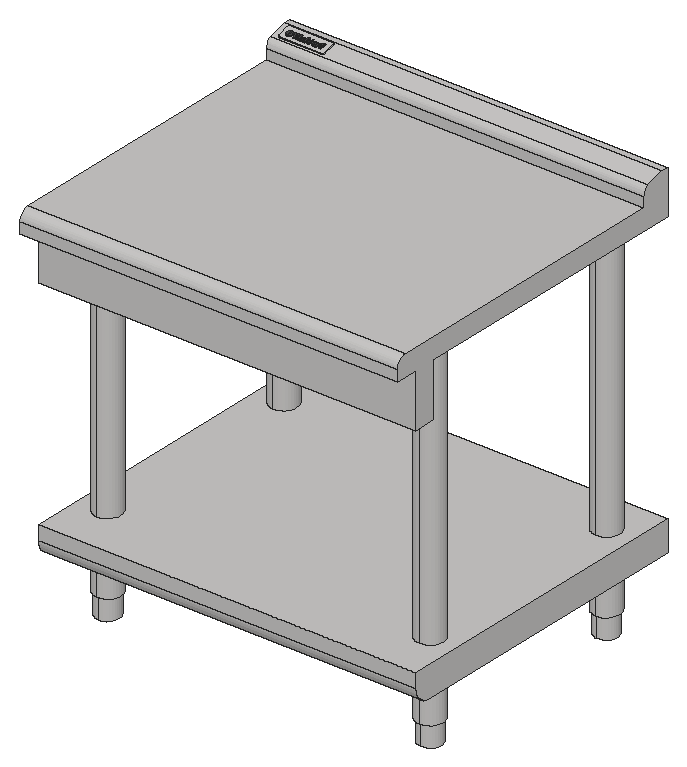
Revit family "QF_MOFFAT WALDORF_BTL8900-LS", category Specialty Equipment, Revit 2012
Parameters
  Weight in Pounds = 154.3234  # constant formula
  Width [instance] = 900.00 mm  # constant formula
  URL Cutsheet = "www.moffat.com"
  URL = "www.moffat.com"
  Type Mark [instance] = ""
  Status [instance] = ""
  Specification by User [instance] = ""
  Specification by Manufacturer = ""
  Show Logo [instance] = yes
  Show Casters [instance] = no
  Serial Number = ""
  Seismic Rating = ""
  SMACNA No = ""
  Revision Code [instance] = ""
  Omniclass Number and Title = ""
  NAFEM Spec ID Number = ""
  Model = "BTL8900-LS"
  Masterspec = ""
  Manufacturer = "MOFFAT WALDORF"
  Legs [instance] = not(Show Casters)  # yes
  Item Number [instance] = ""
  Installed By [instance] = ""
  Identify Quantity as Lot [instance] = yes
  Height = 972.00 mm  # constant formula
  Furnished By [instance] = ""
  Foodservice Equipment Identifier [instance] = yes
  Description = "BENCH TOP LOW SPLAHBACK ON LEG STAND"
  Depth [instance] = 805.00 mm  # constant formula
  CSI MasterFormat = ""
  CSI Master Format = ""
  Back Splash [instance] = 215.00 mm  # constant formula
Reference planes
  plane 1 "BACK": y = 0
  plane 2: z = 0
  plane 3 "LEFT": x = 0
  plane 4 "RIGHT": x = 900
  plane 5 "FRONT": y = -805
  plane 6 "TOP": z = 972
  plane 7 "Center Y": x = 450
  plane 8 "Center X": y = -402.5
  plane 9 "Base Height": z = 150
  plane 10: z = 915
  plane 11: x = 65
  plane 12: x = 834
  plane 13: y = -625
  plane 14: y = -100
Forms (mm)
  Extrusion 1, solid, material "QF_Finishes_Stainless Steel"
    sketch origin (0, 0, 0) x (0, 1, 0) y (0, 0, 1)
      loop
        line (0, 222.5) -> (-749, 222.5) -> (-749, 188)
        arc (-749, 188) -> (-737.87, 161.13) -> (-711, 150) r 38
        line (-711, 150) -> (0, 150) -> (0, 222.5)
      loop
        line (-805, 893) -> (-805, 868) -> (-749, 868) -> (-749, 740) -> (-699, 740) -> (-699, 868) -> (0, 868) -> (0, 972) -> (-16.5, 972) -> (-58, 960.88)
        arc (-58, 960.88) -> (-66.785, 952.095) -> (-70, 940.095) r 24
        line (-70, 940.095) -> (-70, 917) -> (-781, 917)
        arc (-781, 917) -> (-797.971, 909.971) -> (-805, 893) r 24
    from 0 to 900
  Extrusion 2, solid, material "QF_Finishes_Stainless Steel"
    sketch origin (0, -699, 222.5) x (0, -1, 0) y (1, 0, 0)
      loop
        circle (-599, 65) r 31.75
      loop
        circle (-599, 834) r 31.75
      loop
        circle (-74, 65) r 31.75
      loop
        circle (-74, 834) r 31.75
    from 0 to 643.5
  Revolve 3, solid, material "QF_Finishes_Stainless Steel", visible <- "Legs"
    sketch origin (834, -210, 0) x (0, 1, 0) y (0, 0, -1)
      loop
        line (78.25, -150) -> (110, -150) -> (110, 0) -> (82.5, 0) -> (82.5, -50) -> (78.25, -50) -> (78.25, -150)
      axis (110, -150) -> (110, 0)
    angle from 0 to 360
  Revolve 4, solid, material "QF_Finishes_Stainless Steel"
    sketch origin (834, -735, 0) x (0, 1, 0) y (0, 0, -1)
      loop
        line (78.25, -150) -> (110, -150) -> (110, 0) -> (82.5, 0) -> (82.5, -50) -> (78.25, -50) -> (78.25, -150)
      axis (110, -150) -> (110, 0)
    angle from 0 to 360
  Revolve 5, solid, material "QF_Finishes_Stainless Steel", visible <- "Legs"
    sketch origin (65, -210, 0) x (0, 1, 0) y (0, 0, -1)
      loop
        line (78.25, -150) -> (110, -150) -> (110, 0) -> (82.5, 0) -> (82.5, -50) -> (78.25, -50) -> (78.25, -150)
      axis (110, -150) -> (110, 0)
    angle from 0 to 360
  Revolve 6, solid, material "QF_Finishes_Stainless Steel"
    sketch origin (65, -735, 0) x (0, 1, 0) y (0, 0, -1)
      loop
        line (78.25, -150) -> (110, -150) -> (110, 0) -> (82.5, 0) -> (82.5, -50) -> (78.25, -50) -> (78.25, -150)
      axis (110, -150) -> (110, 0)
    angle from 0 to 360
Lines and regions (mm)
  Split face 1
    outline origin (0, -16.5, 972) x (0, -0.965926, -0.258819) y (1, 0, 0)
      loop
        line (1.962, 129.583) -> (29.642, 129.583) -> (29.642, 149.583) -> (1.962, 149.583) -> (1.962, 129.583)
  Split face 2
    outline origin (0, -16.5, 972) x (0, -0.965926, -0.258819) y (1, 0, 0)
      loop
        line (29.642, 156.5) -> (29.642, 176.5) -> (1.962, 176.5) -> (1.962, 156.5) -> (29.642, 156.5)
  Split face 3
    outline origin (0, -16.5, 972) x (0, -0.965926, -0.258819) y (1, 0, 0)
      loop
        line (29.642, 203.5) -> (1.962, 203.5) -> (1.962, 183.5) -> (29.642, 183.5) -> (29.642, 203.5)
  Split face 4
    outline origin (0, -16.5, 972) x (0, -0.965926, -0.258819) y (1, 0, 0)
      loop
        line (29.642, 230.5) -> (1.962, 230.5) -> (1.962, 210.5) -> (29.642, 210.5) -> (29.642, 230.5)
  Split face 5
    outline origin (0, -16.5, 972) x (0, -0.965926, -0.258819) y (1, 0, 0)
      loop
        line (29.642, 257.5) -> (1.962, 257.5) -> (1.962, 237.5) -> (29.642, 237.5) -> (29.642, 257.5)
  Split face 6
    outline origin (0, -16.5, 972) x (0, -0.965926, -0.258819) y (1, 0, 0)
      loop
        line (29.642, 264.5) -> (29.642, 284.5) -> (1.962, 284.5) -> (1.962, 264.5) -> (29.642, 264.5)
  Split face 7
    outline origin (0, -16.5, 972) x (0, -0.965926, -0.258819) y (1, 0, 0)
      loop
        line (29.642, 311.5) -> (1.962, 311.5) -> (1.962, 291.5) -> (29.642, 291.5) -> (29.642, 311.5)
  Split face 8
    outline origin (0, -16.5, 972) x (0, -0.965926, -0.258819) y (1, 0, 0)
      loop
        line (1.962, 338.5) -> (1.962, 318.5) -> (29.642, 318.5) -> (29.642, 338.5) -> (1.962, 338.5)
  Split face 9
    outline origin (0, -16.5, 972) x (0, -0.965926, -0.258819) y (1, 0, 0)
      loop
        line (1.962, 345.5) -> (29.642, 345.5) -> (29.642, 365.5) -> (1.962, 365.5) -> (1.962, 345.5)
  Split face 10
    outline origin (0, -16.5, 972) x (0, -0.965926, -0.258819) y (1, 0, 0)
      loop
        line (29.642, 372.5) -> (29.642, 392.5) -> (1.962, 392.5) -> (1.962, 372.5) -> (29.642, 372.5)
  Split face 11
    outline origin (0, -16.5, 972) x (0, -0.965926, -0.258819) y (1, 0, 0)
      loop
        line (29.642, 399.5) -> (29.642, 419.5) -> (1.962, 419.5) -> (1.962, 399.5) -> (29.642, 399.5)
  Split face 12
    outline origin (0, -16.5, 972) x (0, -0.965926, -0.258819) y (1, 0, 0)
      loop
        line (29.642, 426.5) -> (29.642, 446.5) -> (1.962, 446.5) -> (1.962, 426.5) -> (29.642, 426.5)
  Split face 13
    outline origin (0, -16.5, 972) x (0, -0.965926, -0.258819) y (1, 0, 0)
      loop
        line (1.962, 453.5) -> (29.642, 453.5) -> (29.642, 473.5) -> (1.962, 473.5) -> (1.962, 453.5)
  Split face 14
    outline origin (0, -16.5, 972) x (0, -0.965926, -0.258819) y (1, 0, 0)
      loop
        line (1.962, 500.5) -> (1.962, 480.5) -> (29.642, 480.5) -> (29.642, 500.5) -> (1.962, 500.5)
  Split face 15
    outline origin (0, -16.5, 972) x (0, -0.965926, -0.258819) y (1, 0, 0)
      loop
        line (29.642, 527.5) -> (1.962, 527.5) -> (1.962, 507.5) -> (29.642, 507.5) -> (29.642, 527.5)
  Split face 16
    outline origin (0, -16.5, 972) x (0, -0.965926, -0.258819) y (1, 0, 0)
      loop
        line (29.642, 534.5) -> (29.642, 554.5) -> (1.962, 554.5) -> (1.962, 534.5) -> (29.642, 534.5)
  Split face 17
    outline origin (0, -16.5, 972) x (0, -0.965926, -0.258819) y (1, 0, 0)
      loop
        line (29.642, 581.5) -> (1.962, 581.5) -> (1.962, 561.5) -> (29.642, 561.5) -> (29.642, 581.5)
  Split face 18
    outline origin (0, -16.5, 972) x (0, -0.965926, -0.258819) y (1, 0, 0)
      loop
        line (29.642, 588.5) -> (29.642, 608.5) -> (1.962, 608.5) -> (1.962, 588.5) -> (29.642, 588.5)
  Split face 19
    outline origin (0, -16.5, 972) x (0, -0.965926, -0.258819) y (1, 0, 0)
      loop
        line (29.642, 615.5) -> (29.642, 635.5) -> (1.962, 635.5) -> (1.962, 615.5) -> (29.642, 615.5)
  Split face 20
    outline origin (0, -16.5, 972) x (0, -0.965926, -0.258819) y (1, 0, 0)
      loop
        line (29.642, 662.5) -> (1.962, 662.5) -> (1.962, 642.5) -> (29.642, 642.5) -> (29.642, 662.5)
  Split face 21
    outline origin (0, -16.5, 972) x (0, -0.965926, -0.258819) y (1, 0, 0)
      loop
        line (29.642, 669.5) -> (29.642, 689.5) -> (1.962, 689.5) -> (1.962, 669.5) -> (29.642, 669.5)
  Split face 22
    outline origin (0, -16.5, 972) x (0, -0.965926, -0.258819) y (1, 0, 0)
      loop
        line (29.642, 696.5) -> (29.642, 716.5) -> (1.962, 716.5) -> (1.962, 696.5) -> (29.642, 696.5)
  Split face 23
    outline origin (0, -16.5, 972) x (0, -0.965926, -0.258819) y (1, 0, 0)
      loop
        line (29.642, 743.5) -> (1.962, 743.5) -> (1.962, 723.5) -> (29.642, 723.5) -> (29.642, 743.5)
  Split face 24
    outline origin (0, -16.5, 972) x (0, -0.965926, -0.258819) y (1, 0, 0)
      loop
        line (1.962, 750.5) -> (29.642, 750.5) -> (29.642, 770.5) -> (1.962, 770.5) -> (1.962, 750.5)
  symbolic lines
    curve 1: line (0, 0, 0) -> (0, -805, 0)
    curve 2: line (900, 0, 0) -> (0, 0, 0)
    curve 3: line (900, -805, 0) -> (900, 0, 0)
    curve 4: line (0, -70, 0) -> (900, -70, 0)
    curve 5: line (0, -805, 0) -> (900, -805, 0)
    curve 6: line (12.5, -51.234, 0) -> (12.5, -20.958, 0)
    curve 7: line (12.5, -20.958, 0) -> (121.5, -20.958, 0)
    curve 8: line (12.5, -51.234, 0) -> (121.5, -51.234, 0)
    curve 9: line (121.5, -20.958, 0) -> (121.5, -51.234, 0)
    curve 10: line (129.583, -22.262, 0) -> (129.583, -50.526, 0)
    curve 11: line (129.583, -50.526, 0) -> (149.583, -50.526, 0)
    curve 12: line (149.583, -50.526, 0) -> (149.583, -22.262, 0)
    curve 13: line (149.583, -22.262, 0) -> (129.583, -22.262, 0)
    curve 14: line (156.5, -22.262, 0) -> (156.5, -50.526, 0)
    curve 15: line (156.5, -50.526, 0) -> (176.5, -50.526, 0)
    curve 16: line (176.5, -50.526, 0) -> (176.5, -22.262, 0)
    curve 17: line (176.5, -22.262, 0) -> (156.5, -22.262, 0)
    curve 18: line (183.5, -22.262, 0) -> (183.5, -50.526, 0)
    curve 19: line (183.5, -50.526, 0) -> (203.5, -50.526, 0)
    curve 20: line (203.5, -50.526, 0) -> (203.5, -22.262, 0)
    curve 21: line (203.5, -22.262, 0) -> (183.5, -22.262, 0)
    curve 22: line (210.5, -22.262, 0) -> (210.5, -50.526, 0)
    curve 23: line (210.5, -50.526, 0) -> (230.5, -50.526, 0)
    curve 24: line (230.5, -50.526, 0) -> (230.5, -22.262, 0)
    curve 25: line (230.5, -22.262, 0) -> (210.5, -22.262, 0)
    curve 26: line (237.5, -22.262, 0) -> (237.5, -50.526, 0)
    curve 27: line (237.5, -50.526, 0) -> (257.5, -50.526, 0)
    curve 28: line (257.5, -50.526, 0) -> (257.5, -22.262, 0)
    curve 29: line (257.5, -22.262, 0) -> (237.5, -22.262, 0)
    curve 30: line (264.5, -22.262, 0) -> (264.5, -50.526, 0)
    curve 31: line (264.5, -50.526, 0) -> (284.5, -50.526, 0)
    curve 32: line (284.5, -50.526, 0) -> (284.5, -22.262, 0)
    curve 33: line (284.5, -22.262, 0) -> (264.5, -22.262, 0)
    curve 34: line (291.5, -22.262, 0) -> (291.5, -50.526, 0)
    curve 35: line (291.5, -50.526, 0) -> (311.5, -50.526, 0)
    curve 36: line (311.5, -50.526, 0) -> (311.5, -22.262, 0)
    curve 37: line (311.5, -22.262, 0) -> (291.5, -22.262, 0)
    curve 38: line (318.5, -22.262, 0) -> (318.5, -50.526, 0)
    curve 39: line (318.5, -50.526, 0) -> (338.5, -50.526, 0)
    curve 40: line (338.5, -50.526, 0) -> (338.5, -22.262, 0)
    curve 41: line (338.5, -22.262, 0) -> (318.5, -22.262, 0)
    curve 42: line (345.5, -22.262, 0) -> (345.5, -50.526, 0)
    curve 43: line (345.5, -50.526, 0) -> (365.5, -50.526, 0)
    curve 44: line (365.5, -50.526, 0) -> (365.5, -22.262, 0)
    curve 45: line (365.5, -22.262, 0) -> (345.5, -22.262, 0)
    curve 46: line (372.5, -22.262, 0) -> (372.5, -50.526, 0)
    curve 47: line (372.5, -50.526, 0) -> (392.5, -50.526, 0)
    curve 48: line (392.5, -50.526, 0) -> (392.5, -22.262, 0)
    curve 49: line (392.5, -22.262, 0) -> (372.5, -22.262, 0)
    curve 50: line (399.5, -22.262, 0) -> (399.5, -50.526, 0)
    curve 51: line (399.5, -50.526, 0) -> (419.5, -50.526, 0)
    curve 52: line (419.5, -50.526, 0) -> (419.5, -22.262, 0)
    curve 53: line (419.5, -22.262, 0) -> (399.5, -22.262, 0)
    curve 54: line (426.5, -22.262, 0) -> (426.5, -50.526, 0)
    curve 55: line (426.5, -50.526, 0) -> (446.5, -50.526, 0)
    curve 56: line (446.5, -50.526, 0) -> (446.5, -22.262, 0)
    curve 57: line (446.5, -22.262, 0) -> (426.5, -22.262, 0)
    curve 58: line (453.5, -22.262, 0) -> (453.5, -50.526, 0)
    curve 59: line (453.5, -50.526, 0) -> (473.5, -50.526, 0)
    curve 60: line (473.5, -50.526, 0) -> (473.5, -22.262, 0)
    curve 61: line (473.5, -22.262, 0) -> (453.5, -22.262, 0)
    curve 62: line (480.5, -22.262, 0) -> (480.5, -50.526, 0)
    curve 63: line (480.5, -50.526, 0) -> (500.5, -50.526, 0)
    curve 64: line (500.5, -50.526, 0) -> (500.5, -22.262, 0)
    curve 65: line (500.5, -22.262, 0) -> (480.5, -22.262, 0)
    curve 66: line (507.5, -22.262, 0) -> (507.5, -50.526, 0)
    curve 67: line (507.5, -50.526, 0) -> (527.5, -50.526, 0)
    curve 68: line (527.5, -50.526, 0) -> (527.5, -22.262, 0)
    curve 69: line (527.5, -22.262, 0) -> (507.5, -22.262, 0)
    curve 70: line (534.5, -22.262, 0) -> (534.5, -50.526, 0)
    curve 71: line (534.5, -50.526, 0) -> (554.5, -50.526, 0)
    curve 72: line (554.5, -50.526, 0) -> (554.5, -22.262, 0)
    curve 73: line (554.5, -22.262, 0) -> (534.5, -22.262, 0)
    curve 74: line (561.5, -22.262, 0) -> (561.5, -50.526, 0)
    curve 75: line (561.5, -50.526, 0) -> (581.5, -50.526, 0)
    curve 76: line (581.5, -50.526, 0) -> (581.5, -22.262, 0)
    curve 77: line (581.5, -22.262, 0) -> (561.5, -22.262, 0)
    curve 78: line (588.5, -22.262, 0) -> (588.5, -50.526, 0)
    curve 79: line (588.5, -50.526, 0) -> (608.5, -50.526, 0)
    curve 80: line (608.5, -50.526, 0) -> (608.5, -22.262, 0)
    curve 81: line (608.5, -22.262, 0) -> (588.5, -22.262, 0)
    curve 82: line (615.5, -22.262, 0) -> (615.5, -50.526, 0)
    curve 83: line (615.5, -50.526, 0) -> (635.5, -50.526, 0)
    curve 84: line (635.5, -50.526, 0) -> (635.5, -22.262, 0)
    curve 85: line (635.5, -22.262, 0) -> (615.5, -22.262, 0)
    curve 86: line (642.5, -22.262, 0) -> (642.5, -50.526, 0)
    curve 87: line (642.5, -50.526, 0) -> (662.5, -50.526, 0)
    curve 88: line (662.5, -50.526, 0) -> (662.5, -22.262, 0)
    curve 89: line (662.5, -22.262, 0) -> (642.5, -22.262, 0)
    curve 90: line (669.5, -22.262, 0) -> (669.5, -50.526, 0)
    curve 91: line (669.5, -50.526, 0) -> (689.5, -50.526, 0)
    curve 92: line (689.5, -50.526, 0) -> (689.5, -22.262, 0)
    curve 93: line (689.5, -22.262, 0) -> (669.5, -22.262, 0)
    curve 94: line (696.5, -22.262, 0) -> (696.5, -50.526, 0)
    curve 95: line (696.5, -50.526, 0) -> (716.5, -50.526, 0)
    curve 96: line (716.5, -50.526, 0) -> (716.5, -22.262, 0)
    curve 97: line (716.5, -22.262, 0) -> (696.5, -22.262, 0)
    curve 98: line (723.5, -22.262, 0) -> (723.5, -50.526, 0)
    curve 99: line (723.5, -50.526, 0) -> (743.5, -50.526, 0)
    curve 100: line (743.5, -50.526, 0) -> (743.5, -22.262, 0)
    curve 101: line (743.5, -22.262, 0) -> (723.5, -22.262, 0)
    curve 102: line (750.5, -22.262, 0) -> (750.5, -50.526, 0)
    curve 103: line (750.5, -50.526, 0) -> (770.5, -50.526, 0)
    curve 104: line (770.5, -50.526, 0) -> (770.5, -22.262, 0)
    curve 105: line (770.5, -22.262, 0) -> (750.5, -22.262, 0)
Dimensions and locks
  equal spacing: plane 3 "LEFT", plane 7 "Center Y", plane 4 "RIGHT"
  "Width": plane 3 "LEFT" to plane 4 "RIGHT"
  equal spacing: plane 5 "FRONT", plane 8 "Center X", plane 1 "BACK"
  "Depth": plane 5 "FRONT" to plane 1 "BACK"
  locked: plane 10 to level at 915
  locked: plane 9 "Base Height" to level at 150
  nested 1 to plane 6 "TOP" to nested 1 to plane 10 = 0.882 mm, 7.954 mm, 49.046 mm
  plane 13 to plane 14 = 525.00 mm
  plane 12 to plane 11 = 769.00 mm
  "Height": plane 6 "TOP" to level
  aligned and locked: level to plane 2
Automatic sketch dimensions
  Extrusion 2 sketch curve to Extrusion 2 sketch curve = 0.00 mm  (x8)
  Extrusion 1 to Extrusion 2 sketch curve = 68.25 mm  (x2)
  Extrusion 2 sketch curve to Extrusion 2 sketch curve = 31.75 mm  (x4)
  Extrusion 1 to Extrusion 2 sketch curve = 155.75 mm  (x2)
  Extrusion 1 to Extrusion 2 sketch curve = 65.00 mm  (x2)
  Extrusion 1 to Extrusion 2 sketch curve = 66.00 mm  (x2)
  Revolve 3 sketch curve to plane 9 "Base Height" = 0.00 mm
  Revolve 3 sketch curve to level = 0.00 mm
  Revolve 3 sketch curve to plane 14 = 0.00 mm  (x2)
  Revolve 3 sketch curve to plane 14 = 27.50 mm
  Revolve 3 sketch curve to plane 14 = 31.75 mm
  level to Revolve 3 sketch curve = 50.00 mm
  Revolve 3 sketch curve to Revolve 3 sketch curve = 0.00 mm
  Revolve 3 sketch curve to Revolve 3 sketch curve = 55.00 mm
  Revolve 4 sketch curve to plane 9 "Base Height" = 0.00 mm
  Revolve 4 sketch curve to level = 0.00 mm
  Revolve 4 sketch curve to plane 13 = 0.00 mm  (x2)
  Revolve 4 sketch curve to plane 13 = 27.50 mm
  Revolve 4 sketch curve to plane 13 = 31.75 mm
  level to Revolve 4 sketch curve = 50.00 mm
  Revolve 4 sketch curve to Revolve 4 sketch curve = 0.00 mm
  Revolve 4 sketch curve to Revolve 4 sketch curve = 55.00 mm
  Revolve 5 sketch curve to plane 9 "Base Height" = 0.00 mm
  Revolve 5 sketch curve to level = 0.00 mm
  Revolve 5 sketch curve to plane 14 = 0.00 mm  (x2)
  Revolve 5 sketch curve to plane 14 = 27.50 mm
  Revolve 5 sketch curve to plane 14 = 31.75 mm
  level to Revolve 5 sketch curve = 50.00 mm
  Revolve 5 sketch curve to Revolve 5 sketch curve = 0.00 mm
  Revolve 5 sketch curve to Revolve 5 sketch curve = 55.00 mm
  Revolve 6 sketch curve to plane 9 "Base Height" = 0.00 mm
  Revolve 6 sketch curve to level = 0.00 mm
  Revolve 6 sketch curve to plane 13 = 0.00 mm  (x2)
  Revolve 6 sketch curve to plane 13 = 27.50 mm
  Revolve 6 sketch curve to plane 13 = 31.75 mm
  level to Revolve 6 sketch curve = 50.00 mm
  Revolve 6 sketch curve to Revolve 6 sketch curve = 0.00 mm
  Revolve 6 sketch curve to Revolve 6 sketch curve = 55.00 mm
  Extrusion 1 to Split face 1 sketch curve = 1.962 mm
  Split face 1 sketch curve to Extrusion 1 = 13.322 mm
  Split face 1 sketch curve to Extrusion 1 = 129.583 mm
  Split face 1 sketch curve to Split face 1 sketch curve = 20.00 mm
  Extrusion 1 to Split face 2 sketch curve = 1.962 mm
  Split face 2 sketch curve to Extrusion 1 = 13.322 mm
  Split face 2 sketch curve to Extrusion 1 = 156.50 mm
  Split face 2 sketch curve to Split face 2 sketch curve = 20.00 mm
  Extrusion 1 to Split face 3 sketch curve = 1.962 mm
  Split face 3 sketch curve to Extrusion 1 = 13.322 mm
  Split face 3 sketch curve to Extrusion 1 = 183.50 mm
  Split face 3 sketch curve to Split face 3 sketch curve = 20.00 mm
  Extrusion 1 to Split face 4 sketch curve = 1.962 mm
  Split face 4 sketch curve to Extrusion 1 = 13.322 mm
  Split face 4 sketch curve to Extrusion 1 = 210.50 mm
  Split face 4 sketch curve to Split face 4 sketch curve = 20.00 mm
  Extrusion 1 to Split face 5 sketch curve = 1.962 mm
  Split face 5 sketch curve to Extrusion 1 = 13.322 mm
  Split face 5 sketch curve to Extrusion 1 = 237.50 mm
  Split face 5 sketch curve to Split face 5 sketch curve = 20.00 mm
  Extrusion 1 to Split face 6 sketch curve = 1.962 mm
  Split face 6 sketch curve to Extrusion 1 = 13.322 mm
  Split face 6 sketch curve to Extrusion 1 = 264.50 mm
  Split face 6 sketch curve to Split face 6 sketch curve = 20.00 mm
  Extrusion 1 to Split face 7 sketch curve = 1.962 mm
  Split face 7 sketch curve to Extrusion 1 = 13.322 mm
  Split face 7 sketch curve to Extrusion 1 = 291.50 mm
  Split face 7 sketch curve to Split face 7 sketch curve = 20.00 mm
  Extrusion 1 to Split face 8 sketch curve = 1.962 mm
  Split face 8 sketch curve to Extrusion 1 = 13.322 mm
  Split face 8 sketch curve to Extrusion 1 = 318.50 mm
  Split face 8 sketch curve to Split face 8 sketch curve = 20.00 mm
  Extrusion 1 to Split face 9 sketch curve = 1.962 mm
  Split face 9 sketch curve to Extrusion 1 = 13.322 mm
  Split face 9 sketch curve to Extrusion 1 = 345.50 mm
  Split face 9 sketch curve to Split face 9 sketch curve = 20.00 mm
  Extrusion 1 to Split face 10 sketch curve = 1.962 mm
  Split face 10 sketch curve to Extrusion 1 = 13.322 mm
  Split face 10 sketch curve to Extrusion 1 = 372.50 mm
  Split face 10 sketch curve to Split face 10 sketch curve = 20.00 mm
  Extrusion 1 to Split face 11 sketch curve = 1.962 mm
  Split face 11 sketch curve to Extrusion 1 = 13.322 mm
  Split face 11 sketch curve to Extrusion 1 = 399.50 mm
  Split face 11 sketch curve to Split face 11 sketch curve = 20.00 mm
  Extrusion 1 to Split face 12 sketch curve = 1.962 mm
  Split face 12 sketch curve to Extrusion 1 = 13.322 mm
  Split face 12 sketch curve to Extrusion 1 = 426.50 mm
  Split face 12 sketch curve to Split face 12 sketch curve = 20.00 mm
  Extrusion 1 to Split face 13 sketch curve = 1.962 mm
  Split face 13 sketch curve to Extrusion 1 = 13.322 mm
  Split face 13 sketch curve to Extrusion 1 = 453.50 mm
  Split face 13 sketch curve to Split face 13 sketch curve = 20.00 mm
  Extrusion 1 to Split face 14 sketch curve = 1.962 mm
  Split face 14 sketch curve to Extrusion 1 = 13.322 mm
  Split face 14 sketch curve to Extrusion 1 = 419.50 mm
  Split face 14 sketch curve to Split face 14 sketch curve = 20.00 mm
  Extrusion 1 to Split face 15 sketch curve = 1.962 mm
  Split face 15 sketch curve to Extrusion 1 = 13.322 mm
  Split face 15 sketch curve to Extrusion 1 = 392.50 mm
  Split face 15 sketch curve to Split face 15 sketch curve = 20.00 mm
  Extrusion 1 to Split face 16 sketch curve = 1.962 mm
  Split face 16 sketch curve to Extrusion 1 = 13.322 mm
  Split face 16 sketch curve to Extrusion 1 = 365.50 mm
  Split face 16 sketch curve to Split face 16 sketch curve = 20.00 mm
  Extrusion 1 to Split face 17 sketch curve = 1.962 mm
  Split face 17 sketch curve to Extrusion 1 = 13.322 mm
  Split face 17 sketch curve to Extrusion 1 = 338.50 mm
  Split face 17 sketch curve to Split face 17 sketch curve = 20.00 mm
  Extrusion 1 to Split face 18 sketch curve = 1.962 mm
  Split face 18 sketch curve to Extrusion 1 = 13.322 mm
  Split face 18 sketch curve to Extrusion 1 = 311.50 mm
  Split face 18 sketch curve to Split face 18 sketch curve = 20.00 mm
  Extrusion 1 to Split face 19 sketch curve = 1.962 mm
  Split face 19 sketch curve to Extrusion 1 = 13.322 mm
  Split face 19 sketch curve to Extrusion 1 = 284.50 mm
  Split face 19 sketch curve to Split face 19 sketch curve = 20.00 mm
  Extrusion 1 to Split face 20 sketch curve = 1.962 mm
  Split face 20 sketch curve to Extrusion 1 = 13.322 mm
  Split face 20 sketch curve to Extrusion 1 = 257.50 mm
  Split face 20 sketch curve to Split face 20 sketch curve = 20.00 mm
  Extrusion 1 to Split face 21 sketch curve = 1.962 mm
  Split face 21 sketch curve to Extrusion 1 = 13.322 mm
  Split face 21 sketch curve to Extrusion 1 = 230.50 mm
  Split face 21 sketch curve to Split face 21 sketch curve = 20.00 mm
  Extrusion 1 to Split face 22 sketch curve = 1.962 mm
  Split face 22 sketch curve to Extrusion 1 = 13.322 mm
  Split face 22 sketch curve to Extrusion 1 = 203.50 mm
  Split face 22 sketch curve to Split face 22 sketch curve = 20.00 mm
  Extrusion 1 to Split face 23 sketch curve = 1.962 mm
  Split face 23 sketch curve to Extrusion 1 = 13.322 mm
  Split face 23 sketch curve to Extrusion 1 = 176.50 mm
  Split face 23 sketch curve to Split face 23 sketch curve = 20.00 mm
  Extrusion 1 to Split face 24 sketch curve = 1.962 mm
  Split face 24 sketch curve to Extrusion 1 = 13.322 mm
  Split face 24 sketch curve to Extrusion 1 = 149.50 mm
  Split face 24 sketch curve to Split face 24 sketch curve = 20.00 mm
  plane 1 "BACK" to curve 1 = 0.00 mm
  curve 1 to plane 3 "LEFT" = 0.00 mm
  curve 2 to plane 4 "RIGHT" = 0.00 mm
  plane 5 "FRONT" to curve 5 = 0.00 mm
  plane 3 "LEFT" to curve 8 = 12.50 mm
  plane 1 "BACK" to curve 9 = 20.958 mm
  plane 11 to curve 9 = 56.50 mm
  curve 7 to curve 13 = 8.083 mm
  curve 10 to curve 12 = 20.00 mm
  curve 11 to curve 15 = 6.917 mm
  curve 14 to curve 15 = 20.00 mm
  curve 16 to curve 21 = 7.00 mm
  curve 18 to curve 19 = 20.00 mm
  curve 19 to curve 22 = 7.00 mm
  curve 22 to curve 24 = 20.00 mm
  curve 23 to curve 27 = 7.00 mm
  curve 26 to curve 27 = 20.00 mm
  curve 28 to curve 33 = 7.00 mm
  curve 30 to curve 33 = 20.00 mm
  curve 32 to curve 34 = 7.00 mm
  curve 34 to curve 37 = 20.00 mm
  curve 36 to curve 38 = 7.00 mm
  curve 38 to curve 39 = 20.00 mm
  curve 39 to curve 43 = 7.00 mm
  curve 42 to curve 44 = 20.00 mm
  curve 44 to curve 46 = 7.00 mm
  curve 46 to curve 48 = 20.00 mm
  curve 48 to curve 50 = 7.00 mm
  curve 50 to curve 52 = 20.00 mm
  curve 52 to curve 54 = 7.00 mm
  curve 56 to plane 7 "Center Y" = 3.50 mm
  plane 7 "Center Y" to curve 61 = 3.50 mm
  curve 58 to curve 59 = 20.00 mm
  curve 60 to curve 65 = 7.00 mm
  curve 62 to curve 64 = 20.00 mm
  curve 64 to curve 66 = 7.00 mm
  curve 66 to curve 68 = 20.00 mm
  curve 67 to curve 71 = 7.00 mm
  curve 70 to curve 71 = 20.00 mm
  curve 72 to curve 77 = 7.00 mm
  curve 74 to curve 76 = 20.00 mm
  curve 75 to curve 79 = 7.00 mm
  curve 78 to curve 79 = 20.00 mm
  curve 80 to curve 85 = 7.00 mm
  curve 82 to curve 85 = 20.00 mm
  curve 84 to curve 86 = 7.00 mm
  curve 86 to curve 89 = 20.00 mm
  curve 88 to curve 90 = 7.00 mm
  curve 90 to curve 91 = 20.00 mm
  curve 91 to curve 95 = 7.00 mm
  curve 94 to curve 96 = 20.00 mm
  curve 96 to curve 98 = 7.00 mm
  curve 98 to curve 100 = 20.00 mm
  curve 100 to curve 102 = 7.00 mm
  curve 102 to curve 105 = 20.00 mm
  plane 14 to curve 4 = 30.00 mm
  curve 4 to curve 6 = 18.766 mm
  plane 14 to curve 103 = 49.474 mm
  curve 99 to curve 102 = 0.00 mm
  plane 14 to curve 50 = 49.474 mm
  curve 96 to curve 98 = 0.00 mm  (x2)
  curve 8 to curve 10 = 0.709 mm
  curve 92 to curve 94 = 0.00 mm  (x2)
  curve 11 to curve 14 = 0.00 mm
  curve 88 to curve 90 = 0.00 mm  (x2)
  curve 15 to curve 18 = 0.00 mm
  curve 84 to curve 86 = 0.00 mm  (x2)
  curve 19 to curve 22 = 0.00 mm
  curve 80 to curve 82 = 0.00 mm  (x2)
  curve 23 to curve 26 = 0.00 mm
  curve 76 to curve 78 = 0.00 mm  (x2)
  curve 27 to curve 30 = 0.00 mm
  curve 72 to curve 74 = 0.00 mm  (x2)
  curve 31 to curve 34 = 0.00 mm
  curve 68 to curve 70 = 0.00 mm  (x2)
  curve 35 to curve 38 = 0.00 mm
  curve 64 to curve 66 = 0.00 mm  (x2)
  curve 39 to curve 42 = 0.00 mm
  curve 60 to curve 62 = 0.00 mm  (x2)
  curve 43 to curve 46 = 0.00 mm
  curve 56 to curve 58 = 0.00 mm  (x2)
  plane 1 "BACK" to curve 54 = 22.262 mm
  plane 1 "BACK" to curve 105 = 22.262 mm
  curve 53 to curve 54 = 0.00 mm
  plane 1 "BACK" to curve 49 = 22.262 mm
  plane 1 "BACK" to curve 45 = 22.262 mm
  plane 1 "BACK" to curve 41 = 22.262 mm
  plane 1 "BACK" to curve 37 = 22.262 mm
  plane 1 "BACK" to curve 33 = 22.262 mm
  plane 1 "BACK" to curve 29 = 22.262 mm
  plane 1 "BACK" to curve 25 = 22.262 mm
  plane 1 "BACK" to curve 21 = 22.262 mm
  plane 1 "BACK" to curve 17 = 22.262 mm
  curve 13 to curve 7 = 1.304 mm
  Extrusion 1 sketch curve to plane 5 "FRONT" = 0.00 mm
  plane 10 to Extrusion 1 sketch curve = 2.00 mm
  Extrusion 1 sketch curve to plane 9 "Base Height" = 0.00 mm
  Extrusion 1 sketch curve to plane 6 "TOP" = 0.00 mm
  Extrusion 1 sketch curve to plane 1 "BACK" = 0.00 mm  (x2)
  Extrusion 1 sketch curve to plane 5 "FRONT" = 24.00 mm
  Extrusion 1 sketch curve to Extrusion 1 sketch curve = 32.00 mm
  Extrusion 1 sketch curve to plane 5 "FRONT" = 56.00 mm
  Extrusion 1 sketch curve to Extrusion 1 sketch curve = 38.00 mm
  Extrusion 1 sketch curve to Extrusion 1 sketch curve = 50.00 mm
  plane 14 to Extrusion 1 sketch curve = 30.00 mm
  Extrusion 1 sketch curve to plane 6 "TOP" = 11.12 mm
  Extrusion 1 sketch curve to Extrusion 1 sketch curve = 12.00 mm
  Extrusion 1 sketch curve to Extrusion 1 sketch curve = 24.00 mm
  Extrusion 1 sketch curve to Extrusion 1 sketch curve = 16.50 mm
  Extrusion 1 sketch curve to Extrusion 1 sketch curve = 34.50 mm
  Extrusion 1 sketch curve to Extrusion 1 sketch curve = 153.00 mm
  Extrusion 1 sketch curve to Extrusion 1 sketch curve = 25.00 mm
  Extrusion 1 sketch curve to plane 10 = 47.00 mm
Nested families
  nested 1: "WALDORF-LOGO" at (12.5, -35.273, 938.69), visible <- "Show Logo", type "WALDORF-LOGO", detail levels medium+fine
    with Type Mark "", Status "", Specification by User "", Revision Code "", Item Number "", Installed By "", Identify Quantity as Lot yes, Furnished By "", Foodservice Equipment Identifier yes
  nested 2: "BTL8900-LS-CASTERS" at (65, -100, 0), Show Casters <- "Show Casters", visible <- "Show Casters", type "BTL8900-LS-CASTERS"
    with Type Mark "", Status "", Specification by User "", Show Casters no, Revision Code "", Item Number "", Installed By "", Identify Quantity as Lot yes, Furnished By "", Foodservice Equipment Identifier yes
  nested 3: "BTL8900-LS-CASTERS" at (834, -100, 0), Show Casters <- "Show Casters", visible <- "Show Casters", type "BTL8900-LS-CASTERS"
    with Type Mark "", Status "", Specification by User "", Show Casters no, Revision Code "", Item Number "", Installed By "", Identify Quantity as Lot yes, Furnished By "", Foodservice Equipment Identifier yes
Definition of nested family "WALDORF-LOGO"
  Parameters (values of type "WALDORF-LOGO")
    Weight in Pounds = 0
    URL Cutsheet = ""
    Type Mark [instance] = ""
    Status [instance] = ""
    Specification by User [instance] = ""
    Specification by Manufacturer = ""
    Show Logo [instance] = yes
    Serial Number = ""
    Seismic Rating = ""
    SMACNA No = ""
    Revision Code [instance] = ""
    Omniclass Number and Title = ""
    NAFEM Spec ID Number = ""
    Masterspec = ""
    Item Number [instance] = ""
    Installed By [instance] = ""
    Identify Quantity as Lot [instance] = yes
    Furnished By [instance] = ""
    Foodservice Equipment Identifier [instance] = yes
    CSI MasterFormat = ""
    CSI Master Format = ""
  Reference planes
    plane 1 "BACK": y = 0
    plane 2: z = 0
    plane 3 "LEFT": x = 0
    plane 4 "RIGHT": x = 109
    plane 5 "FRONT": y = -1.588
    plane 6 "TOP": z = 34.14
    plane 7 "Center Y": x = 54.5
    plane 8 "Center X": y = -0.794
    plane 9: through (-6096, 21.87, 34.14) normal (0, -0.2588, 0.9659)
  Forms (mm)
    Extrusion 1, solid, material "QF_Finishes_Stainless Steel", visible <- "Show Logo"
      sketch origin (0, -16.636, 23.822) x (1, 0, 0) y (0, 0.965926, 0.258819)
        loop
          arc (5, 34.14) -> (1.464, 32.676) -> (0, 29.14) r 5
          line (0, 29.14) -> (0, 5)
          arc (0, 5) -> (1.464, 1.464) -> (5, 0) r 5
          line (5, 0) -> (104, 0)
          arc (104, 0) -> (107.536, 1.464) -> (109, 5) r 5
          line (109, 5) -> (109, 29.14)
          arc (109, 29.14) -> (107.536, 32.676) -> (104, 34.14) r 5
          line (104, 34.14) -> (5, 34.14)
      from 0 to 1.588
    Extrusion 2, solid, material "QF_Finishes_Black", visible <- "Show Logo"
      sketch origin (0, -17.047, 25.356) x (1, 0, 0) y (0, 0.965926, 0.258819)
        loop
          line (24.772, 23.214) -> (27.992, 10.301) -> (31.551, 10.301) -> (33.443, 17.364) -> (35.205, 10.301) -> (39.332, 10.301) -> (42.077, 23.214) -> (38.352, 23.214) -> (36.676, 15.33) -> (35, 23.214) -> (31.752, 23.214) -> (30.076, 15.33) -> (28.4, 23.214) -> (24.772, 23.214)
        loop
          line (42.272, 17.055) -> (45.703, 17.055)
          spline (45.703, 17.055) -> (45.741, 17.285) -> (45.852, 17.499) -> (46.028, 17.682) -> (46.258, 17.823) -> (46.526, 17.912) -> (46.813, 17.942) -> (47.1, 17.912) -> (47.368, 17.823) -> (47.597, 17.682) -> (47.774, 17.499) -> (47.884, 17.285) -> (47.922, 17.055)
          line (47.922, 17.055) -> (47.922, 16.222)
          arc (47.922, 16.222) -> (45.742, 16.014) -> (43.665, 15.317) r 9.604
          arc (43.665, 15.317) -> (41.924, 12.809) -> (43.665, 10.301) r 2.677
          arc (43.665, 10.301) -> (45.527, 10.353) -> (47.332, 10.816) r 8.365
          line (47.332, 10.816) -> (48.092, 11.105) -> (48.092, 10.301) -> (51.817, 10.301) -> (51.817, 17.055)
          spline (51.817, 17.055) -> (51.654, 17.821) -> (51.178, 18.535) -> (50.419, 19.148) -> (49.431, 19.619) -> (48.28, 19.914) -> (47.044, 20.015) -> (45.809, 19.914) -> (44.658, 19.619) -> (43.67, 19.148) -> (42.911, 18.535) -> (42.434, 17.821) -> (42.272, 17.055)
        loop
          line (53.151, 23.214) -> (53.151, 10.301) -> (57.37, 10.301) -> (57.37, 23.214) -> (53.151, 23.214)
        loop
          line (64.874, 23.214) -> (64.874, 18.857)
          arc (64.874, 18.857) -> (58.083, 15.11) -> (64.874, 11.363) r 4.429
          line (64.874, 11.363) -> (64.874, 10.301) -> (68.378, 10.301) -> (68.378, 23.214) -> (64.874, 23.214)
        loop
          arc (64.874, 16.083) -> (61.41, 14.987) -> (64.874, 13.891) r 1.905
          line (64.874, 13.891) -> (64.874, 16.083)
        loop
          circle (74.623, 15.223) r 5
        loop
          spline (74.623, 17.856) -> (74.355, 17.766) -> (74.105, 17.503) -> (73.891, 17.084) -> (73.726, 16.539) -> (73.623, 15.904) -> (73.588, 15.223) -> (73.623, 14.541) -> (73.726, 13.906) -> (73.891, 13.361) -> (74.105, 12.942) -> (74.355, 12.679) -> (74.623, 12.59)
          spline (74.623, 12.59) -> (74.891, 12.679) -> (75.141, 12.942) -> (75.355, 13.361) -> (75.52, 13.906) -> (75.623, 14.541) -> (75.659, 15.223) -> (75.623, 15.904) -> (75.52, 16.539) -> (75.355, 17.084) -> (75.141, 17.503) -> (74.891, 17.766) -> (74.623, 17.856)
        loop
          line (81.255, 19.813) -> (81.255, 10.301) -> (84.834, 10.301) -> (84.834, 14.176)
          arc (84.834, 14.176) -> (85.854, 16.093) -> (88.013, 16.32) r 2.313
          line (88.013, 16.32) -> (88.013, 19.813) -> (87.161, 19.813)
          arc (87.161, 19.813) -> (85.526, 19.266) -> (84.549, 17.844) r 2.717
          line (84.549, 17.844) -> (84.549, 19.813) -> (81.255, 19.813)
        loop
          line (90.249, 19.813) -> (88.91, 19.813) -> (88.91, 17.614) -> (90.249, 17.614) -> (90.249, 10.301) -> (93.998, 10.301) -> (93.998, 17.614) -> (95.418, 17.614) -> (95.418, 19.813) -> (93.998, 19.813)
          arc (93.998, 19.813) -> (94.414, 20.817) -> (95.418, 21.233) r 1.42
          line (95.418, 21.233) -> (95.418, 23.602) -> (93.317, 23.602)
          arc (93.317, 23.602) -> (91.343, 22.903) -> (90.249, 21.118) r 3.137
          line (90.249, 21.118) -> (90.249, 19.813)
        loop
          arc (15.241, 23.571) -> (8.392, 16.525) -> (15.241, 9.479) r 7.049
          line (15.241, 9.479) -> (15.241, 23.571)
        loop
          line (15.641, 23.571) -> (15.641, 9.479)
          arc (15.641, 9.479) -> (22.49, 16.525) -> (15.641, 23.571) r 7.049
        loop
          arc (47.922, 14.711) -> (46.266, 13.749) -> (47.922, 12.787) r 1.107
          line (47.922, 12.787) -> (47.922, 14.711)
      from 0 to 0.2
  Dimensions and locks
    equal spacing: plane 3 "LEFT", plane 7 "Center Y", plane 4 "RIGHT"
    plane 3 "LEFT" to plane 4 "RIGHT" = 109.00 mm
    equal spacing: plane 5 "FRONT", plane 8 "Center X", plane 1 "BACK"
    plane 5 "FRONT" to plane 1 "BACK" = 1.588 mm
    aligned and locked: level to plane 2
  Automatic sketch dimensions
    Extrusion 1 sketch curve to plane 3 "LEFT" = 0.00 mm
    Extrusion 1 sketch curve to plane 4 "RIGHT" = 0.00 mm
    plane 3 "LEFT" to Extrusion 1 sketch curve = 5.00 mm  (x2)
    plane 4 "RIGHT" to Extrusion 1 sketch curve = 5.00 mm  (x2)
    Extrusion 1 sketch curve to Extrusion 1 sketch curve = 24.14 mm
    Extrusion 2 sketch curve to Extrusion 2 sketch curve = 0.00 mm  (x14)
    Extrusion 2 sketch curve to Extrusion 1 = 15.241 mm
    Extrusion 2 sketch curve to Extrusion 2 sketch curve = 0.20 mm
    Extrusion 2 sketch curve to Extrusion 2 sketch curve = 0.40 mm
    Extrusion 2 sketch curve to Extrusion 2 sketch curve = 9.131 mm
    Extrusion 2 sketch curve to Extrusion 1 = 10.301 mm  (x2)
    Extrusion 2 sketch curve to Extrusion 2 sketch curve = 12.351 mm
    Extrusion 2 sketch curve to Extrusion 2 sketch curve = 3.628 mm
    Extrusion 2 sketch curve to Extrusion 2 sketch curve = 2.084 mm
    Extrusion 2 sketch curve to Extrusion 2 sketch curve = 3.559 mm
    Extrusion 2 sketch curve to Extrusion 1 = 10.926 mm  (x2)
    Extrusion 2 sketch curve to Extrusion 2 sketch curve = 3.352 mm  (x2)
    Extrusion 2 sketch curve to Extrusion 2 sketch curve = 3.367 mm
    Extrusion 2 sketch curve to Extrusion 2 sketch curve = 3.249 mm
    Extrusion 2 sketch curve to Extrusion 2 sketch curve = 3.654 mm
    Extrusion 2 sketch curve to Extrusion 1 = 15.33 mm
    Extrusion 2 sketch curve to Extrusion 2 sketch curve = 3.233 mm
    Extrusion 2 sketch curve to Extrusion 2 sketch curve = 4.128 mm
    Extrusion 2 sketch curve to Extrusion 2 sketch curve = 3.725 mm
    Extrusion 2 sketch curve to Extrusion 2 sketch curve = 5.596 mm
    Extrusion 2 sketch curve to Extrusion 2 sketch curve = 4.333 mm
    Extrusion 2 sketch curve to Extrusion 2 sketch curve = 1.394 mm
    Extrusion 2 sketch curve to Extrusion 2 sketch curve = 2.092 mm
    Extrusion 2 sketch curve to Extrusion 2 sketch curve = 0.936 mm
    Extrusion 2 sketch curve to Extrusion 2 sketch curve = 1.34 mm
    Extrusion 2 sketch curve to Extrusion 2 sketch curve = 1.109 mm
    Extrusion 2 sketch curve to Extrusion 2 sketch curve = 0.232 mm
    Extrusion 2 sketch curve to Extrusion 2 sketch curve = 2.731 mm
    Extrusion 2 sketch curve to Extrusion 2 sketch curve = 0.549 mm  (x2)
    Extrusion 2 sketch curve to Extrusion 2 sketch curve = 0.407 mm
    Extrusion 2 sketch curve to Extrusion 2 sketch curve = 0.76 mm
    Extrusion 2 sketch curve to Extrusion 2 sketch curve = 1.334 mm
    Extrusion 2 sketch curve to Extrusion 2 sketch curve = 4.219 mm
    Extrusion 2 sketch curve to Extrusion 2 sketch curve = 5.142 mm
    Extrusion 2 sketch curve to Extrusion 2 sketch curve = 0.803 mm
    Extrusion 2 sketch curve to Extrusion 2 sketch curve = 1.558 mm
    Extrusion 2 sketch curve to Extrusion 2 sketch curve = 3.504 mm
    Extrusion 2 sketch curve to Extrusion 2 sketch curve = 6.245 mm
    Extrusion 2 sketch curve to Extrusion 2 sketch curve = 6.632 mm
    Extrusion 2 sketch curve to Extrusion 2 sketch curve = 3.294 mm
    Extrusion 2 sketch curve to Extrusion 2 sketch curve = 3.579 mm
    Extrusion 2 sketch curve to Extrusion 2 sketch curve = 2.313 mm
    Extrusion 2 sketch curve to Extrusion 2 sketch curve = 2.612 mm
    Extrusion 2 sketch curve to Extrusion 2 sketch curve = 0.852 mm
    Extrusion 2 sketch curve to Extrusion 2 sketch curve = 0.897 mm
    Extrusion 2 sketch curve to Extrusion 2 sketch curve = 3.102 mm
    Extrusion 2 sketch curve to Extrusion 2 sketch curve = 1.338 mm
    Extrusion 2 sketch curve to Extrusion 2 sketch curve = 3.068 mm
    Extrusion 2 sketch curve to Extrusion 2 sketch curve = 0.681 mm
    Extrusion 2 sketch curve to Extrusion 2 sketch curve = 3.749 mm
    Extrusion 2 sketch curve to Extrusion 2 sketch curve = 1.42 mm
    Extrusion 2 sketch curve to Extrusion 2 sketch curve = 5.029 mm  (x2)
    Extrusion 2 sketch curve to Extrusion 1 = 9.479 mm
    Extrusion 2 sketch curve to Extrusion 2 sketch curve = 3.681 mm
    Extrusion 2 sketch curve to Extrusion 2 sketch curve = 0.515 mm
    Extrusion 2 sketch curve to Extrusion 2 sketch curve = 0.804 mm
    Extrusion 2 sketch curve to Extrusion 2 sketch curve = 1.062 mm
    Extrusion 2 sketch curve to Extrusion 2 sketch curve = 1.682 mm
    Extrusion 2 sketch curve to Extrusion 2 sketch curve = 2.508 mm
    Extrusion 2 sketch curve to Extrusion 2 sketch curve = 0.962 mm
    Extrusion 2 sketch curve to Extrusion 2 sketch curve = 2.528 mm
    Extrusion 2 sketch curve to Extrusion 2 sketch curve = 3.875 mm
    Extrusion 2 sketch curve to Extrusion 2 sketch curve = 1.096 mm
    Extrusion 2 sketch curve to Extrusion 2 sketch curve = 0.123 mm
    Extrusion 2 sketch curve to Extrusion 2 sketch curve = 4.922 mm
    Extrusion 2 sketch curve to Extrusion 2 sketch curve = 7.046 mm
    Extrusion 2 sketch curve to Extrusion 2 sketch curve = 0.833 mm
    Extrusion 2 sketch curve to Extrusion 2 sketch curve = 0.776 mm
    Extrusion 2 sketch curve to Extrusion 2 sketch curve = 2.034 mm
    Extrusion 2 sketch curve to Extrusion 2 sketch curve = 7.314 mm
    Extrusion 2 sketch curve to Extrusion 2 sketch curve = 1.295 mm
    Extrusion 2 sketch curve to Extrusion 2 sketch curve = 0.749 mm
    Extrusion 2 sketch curve to Extrusion 2 sketch curve = 2.633 mm
    Extrusion 2 sketch curve to Extrusion 2 sketch curve = 2.198 mm  (x2)
    Extrusion 2 sketch curve to Extrusion 2 sketch curve = 1.968 mm
    Extrusion 2 sketch curve to Extrusion 2 sketch curve = 0.653 mm
    Extrusion 2 sketch curve to Extrusion 2 sketch curve = 1.305 mm
    Extrusion 2 sketch curve to Extrusion 2 sketch curve = 4.357 mm
    Extrusion 2 sketch curve to Extrusion 2 sketch curve = 6.159 mm
    radius of Extrusion 2 sketch curve = 5.00 mm
Definition of nested family "BTL8900-LS-CASTERS"
  Parameters (values of type "BTL8900-LS-CASTERS")
    Weight = ""
    URL Manufacturer = ""
    URL Cutsheet = ""
    URL = ""
    Type Mark [instance] = ""
    Status [instance] = ""
    Specification by User [instance] = ""
    Specification by Manufacturer = ""
    Show Casters [instance] = no
    Serial Number = ""
    Seismic Rating = ""
    SMACNA No = ""
    Revision Code [instance] = ""
    Omniclass Number and Title = ""
    NAFEM Spec ID Number = ""
    Model = ""
    MasterSpec. = ""
    Manufacturer = ""
    Item Number [instance] = ""
    Installed By [instance] = ""
    Identify Quantity as Lot [instance] = yes
    Furnished By [instance] = ""
    Foodservice Equipment Identifier [instance] = yes
    Description = ""
    CSI MasterFormat = ""
    CSI Master Format = ""
    Assembly Code = ""
  Reference planes
    plane 1: z = 0
    plane 2 "RIGHT": x = 0
    plane 3 "FRONT": y = 0
    plane 4 "Base Height": z = 150
  Forms (mm)
    Revolve 1, solid, material "QF_Finishes_Stainless Steel", visible <- "Show Casters"
      sketch origin (0, 56.335, 0) x (0, 1, 0) y (0, 0, 1)
        loop
          line (-56.335, 152.4) -> (-56.335, 141.118) -> (-23.798, 141.118) -> (-23.798, 152.4) -> (-56.335, 152.4)
        axis (-56.335, 141.118) -> (-56.335, 152.4)
      angle from 0 to 360
    Extrusion 2, solid, material "QF_Finishes_Stainless Steel", visible <- "Show Casters"
      sketch origin (-46.049, 56.335, 0) x (0, 1, 0) y (0, 0, 1)
        loop
          line (-85.799, 141.118) -> (-85.799, 133.498) -> (-82.136, 133.498)
          arc (-82.136, 133.498) -> (-79.344, 132.328) -> (-77.146, 130.248) r 8.432
          line (-77.146, 130.248) -> (-39.502, 49.52)
          arc (-39.502, 49.52) -> (-13.784, 46.107) -> (-5.673, 70.75) r 20.32
          arc (-5.673, 70.75) -> (-7.065, 73.611) -> (-8.887, 76.22) r 20.32
          arc (-8.887, 76.22) -> (-9.399, 85.377) -> (-6.626, 94.119) r 25.4
          line (-6.626, 94.119) -> (8.003, 121.632)
          arc (8.003, 121.632) -> (-2.347, 126.31) -> (-13.34, 129.167) r 66.802
          line (-13.34, 129.167) -> (-13.765, 133.498) -> (-26.871, 133.498) -> (-26.871, 141.118) -> (-85.799, 141.118)
      from 20.058 to 22.923
    Extrusion 3, solid, material "QF_Finishes_Stainless Steel", visible <- "Show Casters"
      sketch origin (3.326, 56.335, 0) x (0, 1, 0) y (0, 0, 1)
        loop
          line (-85.799, 141.118) -> (-85.799, 133.498) -> (-82.136, 133.498)
          arc (-82.136, 133.498) -> (-79.344, 132.328) -> (-77.146, 130.248) r 8.432
          line (-77.146, 130.248) -> (-39.502, 49.52)
          arc (-39.502, 49.52) -> (-13.784, 46.107) -> (-5.673, 70.75) r 20.32
          arc (-5.673, 70.75) -> (-7.065, 73.611) -> (-8.887, 76.22) r 20.32
          arc (-8.887, 76.22) -> (-9.399, 85.377) -> (-6.626, 94.119) r 25.4
          line (-6.626, 94.119) -> (8.003, 121.632)
          arc (8.003, 121.632) -> (-2.347, 126.31) -> (-13.34, 129.167) r 66.802
          line (-13.34, 129.167) -> (-13.765, 133.498) -> (-26.871, 133.498) -> (-26.871, 141.118) -> (-85.799, 141.118)
      from 20.058 to 22.923
    Extrusion 4, solid, material "QF_Finishes_Stainless Steel", visible <- "Show Casters"
      sketch origin (-49.224, 56.335, 0) x (0, 1, 0) y (0, 0, 1)
        loop
          line (-85.799, 141.118) -> (-85.799, 133.498) -> (-82.136, 133.498) -> (-18.877, 127.964) -> (7.14, 120.01) -> (8.003, 121.632)
          arc (8.003, 121.632) -> (-2.347, 126.31) -> (-13.34, 129.167) r 66.802
          line (-13.34, 129.167) -> (-13.765, 133.498) -> (-26.871, 133.498) -> (-26.871, 141.118) -> (-85.799, 141.118)
      from 26.098 to 72.56
    Revolve 5, solid, material "QF_Finishes_Stainless Steel", visible <- "Show Casters"
      sketch origin (-49.224, 30.821, 0) x (1, 0, 0) y (0, 0, 1)
        loop
          line (14.841, 63.604) -> (83.584, 63.604) -> (83.584, 67.109) -> (82.314, 68.379) -> (80.79, 68.379) -> (80.79, 71.826) -> (68.644, 71.826) -> (68.644, 81.79) -> (65.088, 83.843) -> (61.683, 104.879) -> (65.881, 104.879) -> (65.881, 111.229) -> (65.088, 111.229) -> (65.088, 117.579)
          arc (65.088, 117.579) -> (62.298, 124.314) -> (55.563, 127.104) r 9.525
          line (55.563, 127.104) -> (42.863, 127.104)
          arc (42.863, 127.104) -> (36.127, 124.314) -> (33.338, 117.579) r 9.525
          line (33.338, 117.579) -> (33.338, 111.229) -> (32.544, 111.229) -> (32.544, 104.879) -> (36.742, 104.879) -> (33.352, 83.932) -> (29.782, 81.871) -> (29.782, 71.826) -> (17.635, 71.826) -> (17.635, 68.379) -> (16.111, 68.379) -> (14.841, 67.109) -> (14.841, 63.604)
        axis (14.841, 63.604) -> (83.584, 63.604)
      angle from 0 to 360
  Lines and regions (mm)
    symbolic lines, style "SpecialityEquipmentHiddenLines", visible <- "Show Casters"
      curve 1: line (18.009, 67.053, 0) -> (45.595, 51.127, 0)
      curve 2: line (-45.491, -42.932, 0) -> (18.009, 67.053, 0)
      curve 3: line (-17.905, -58.859, 0) -> (-45.491, -42.932, 0)
      curve 4: line (45.595, 51.127, 0) -> (-17.905, -58.859, 0)
  Dimensions and locks
    plane 4 "Base Height" to level = 150.00 mm  (x2)
    Revolve 5 sketch curve to Revolve 5 sketch curve = 63.50 mm
    aligned and locked: level to plane 1
